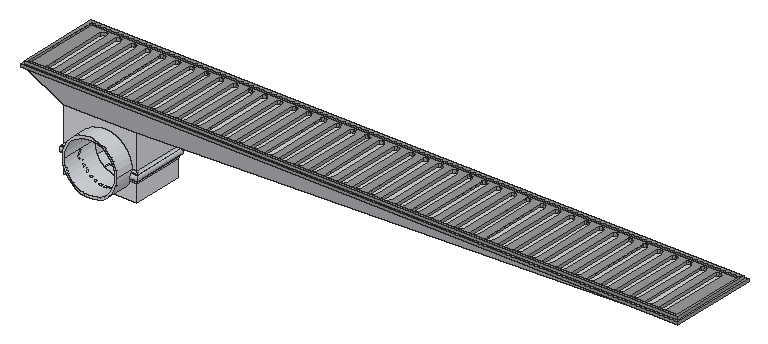
Revit family "PX_Rectangular-Floor-Drain-Side-Outlet-900-Ø75", category Plumbing Fixtures, Revit 2016
Family settings
  Part Type = Normal
  Round Connector Dimension = Use Diameter
  Work Plane-Based = No
  Always vertical = Yes
  Cut with Voids When Loaded = No
  Shared = No
  Room Calculation Point = No
Parameters (values of type "PA_RECTANGULAR DRAINS_Floor Drain_Side Outlet 900 Ø75")
  URL = "https://www.fisa.co.za/"
  Tolani Civil Projects cc URL = "www.tcpbim.co.za"
  Stainless Steel = Stainless Steel, Polished
  PVC = PVC, Unplasticized
  Model = "RECTANGULAR DRAINS Side Outlet 300 Ø50"
  Manufacturer = "Floor International"
  Created By = "Tolani Civil Projects cc"
  Contact = "+2711-4864900"
Reference planes
  plane 1 "Center (Front/Back)": y = 0
  plane 2: z = 0
  plane 3 "Center (Left/Right)": x = 0
  plane 4: z = -3.437
  plane 5: z = -132
  plane 6: y = -120
  plane 7: x = 900
  plane 8: x = 10
  plane 9: x = 290
  plane 10: z = -94
  plane 11: x = 95
  plane 12: z = -47
  plane 13: y = -60
  plane 14: y = -25
  plane 15: y = -95
  plane 16: x = 40
  plane 17: x = 140
  plane 18: y = -120
Forms (mm)
  Extrusion 1, solid, material "Stainless Steel, Polished" <- "Stainless Steel"
    sketch origin (0, 0, 0) x (1, 0, 0) y (0, 1, 0)
      loop
        line (0, 0) -> (0, -120) -> (900, -120) -> (900, 0) -> (0, 0)
      loop
        arc (25, -105) -> (26.464, -108.536) -> (30, -110) r 5
        arc (30, -110) -> (33.536, -108.536) -> (35, -105) r 5
        line (35, -105) -> (35, -15)
        arc (35, -15) -> (33.536, -11.464) -> (30, -10) r 5
        arc (30, -10) -> (26.464, -11.464) -> (25, -15) r 5
        line (25, -15) -> (25, -105)
      loop
        arc (45, -107.5) -> (45.732, -109.268) -> (47.5, -110) r 2.5
        arc (47.5, -110) -> (52.803, -107.803) -> (55, -102.5) r 7.5
        line (55, -102.5) -> (55, -17.5)
        arc (55, -17.5) -> (52.803, -12.197) -> (47.5, -10) r 7.5
        arc (47.5, -10) -> (45.732, -10.732) -> (45, -12.5) r 2.5
        line (45, -12.5) -> (45, -107.5)
      loop
        arc (65, -107.5) -> (65.732, -109.268) -> (67.5, -110) r 2.5
        arc (67.5, -110) -> (72.803, -107.803) -> (75, -102.5) r 7.5
        line (75, -102.5) -> (75, -17.5)
        arc (75, -17.5) -> (72.803, -12.197) -> (67.5, -10) r 7.5
        arc (67.5, -10) -> (65.732, -10.732) -> (65, -12.5) r 2.5
        line (65, -12.5) -> (65, -107.5)
      loop
        arc (85, -107.5) -> (85.732, -109.268) -> (87.5, -110) r 2.5
        arc (87.5, -110) -> (92.803, -107.803) -> (95, -102.5) r 7.5
        line (95, -102.5) -> (95, -17.5)
        arc (95, -17.5) -> (92.803, -12.197) -> (87.5, -10) r 7.5
        arc (87.5, -10) -> (85.732, -10.732) -> (85, -12.5) r 2.5
        line (85, -12.5) -> (85, -107.5)
      loop
        arc (105, -107.5) -> (105.732, -109.268) -> (107.5, -110) r 2.5
        arc (107.5, -110) -> (112.803, -107.803) -> (115, -102.5) r 7.5
        line (115, -102.5) -> (115, -17.5)
        arc (115, -17.5) -> (112.803, -12.197) -> (107.5, -10) r 7.5
        arc (107.5, -10) -> (105.732, -10.732) -> (105, -12.5) r 2.5
        line (105, -12.5) -> (105, -107.5)
      loop
        arc (125, -107.5) -> (125.732, -109.268) -> (127.5, -110) r 2.5
        arc (127.5, -110) -> (132.803, -107.803) -> (135, -102.5) r 7.5
        line (135, -102.5) -> (135, -17.5)
        arc (135, -17.5) -> (132.803, -12.197) -> (127.5, -10) r 7.5
        arc (127.5, -10) -> (125.732, -10.732) -> (125, -12.5) r 2.5
        line (125, -12.5) -> (125, -107.5)
      loop
        arc (145, -107.5) -> (145.732, -109.268) -> (147.5, -110) r 2.5
        arc (147.5, -110) -> (152.803, -107.803) -> (155, -102.5) r 7.5
        line (155, -102.5) -> (155, -17.5)
        arc (155, -17.5) -> (152.803, -12.197) -> (147.5, -10) r 7.5
        arc (147.5, -10) -> (145.732, -10.732) -> (145, -12.5) r 2.5
        line (145, -12.5) -> (145, -107.5)
      loop
        arc (165, -107.5) -> (165.732, -109.268) -> (167.5, -110) r 2.5
        arc (167.5, -110) -> (172.803, -107.803) -> (175, -102.5) r 7.5
        line (175, -102.5) -> (175, -17.5)
        arc (175, -17.5) -> (172.803, -12.197) -> (167.5, -10) r 7.5
        arc (167.5, -10) -> (165.732, -10.732) -> (165, -12.5) r 2.5
        line (165, -12.5) -> (165, -107.5)
      loop
        arc (185, -107.5) -> (185.732, -109.268) -> (187.5, -110) r 2.5
        arc (187.5, -110) -> (192.803, -107.803) -> (195, -102.5) r 7.5
        line (195, -102.5) -> (195, -17.5)
        arc (195, -17.5) -> (192.803, -12.197) -> (187.5, -10) r 7.5
        arc (187.5, -10) -> (185.732, -10.732) -> (185, -12.5) r 2.5
        line (185, -12.5) -> (185, -107.5)
      loop
        arc (205, -107.5) -> (205.732, -109.268) -> (207.5, -110) r 2.5
        arc (207.5, -110) -> (212.803, -107.803) -> (215, -102.5) r 7.5
        line (215, -102.5) -> (215, -17.5)
        arc (215, -17.5) -> (212.803, -12.197) -> (207.5, -10) r 7.5
        arc (207.5, -10) -> (205.732, -10.732) -> (205, -12.5) r 2.5
        line (205, -12.5) -> (205, -107.5)
      loop
        arc (225, -107.5) -> (225.732, -109.268) -> (227.5, -110) r 2.5
        arc (227.5, -110) -> (232.803, -107.803) -> (235, -102.5) r 7.5
        line (235, -102.5) -> (235, -17.5)
        arc (235, -17.5) -> (232.803, -12.197) -> (227.5, -10) r 7.5
        arc (227.5, -10) -> (225.732, -10.732) -> (225, -12.5) r 2.5
        line (225, -12.5) -> (225, -107.5)
      loop
        arc (245, -107.5) -> (245.732, -109.268) -> (247.5, -110) r 2.5
        arc (247.5, -110) -> (252.803, -107.803) -> (255, -102.5) r 7.5
        line (255, -102.5) -> (255, -17.5)
        arc (255, -17.5) -> (252.803, -12.197) -> (247.5, -10) r 7.5
        arc (247.5, -10) -> (245.732, -10.732) -> (245, -12.5) r 2.5
        line (245, -12.5) -> (245, -107.5)
      loop
        arc (265, -107.5) -> (265.732, -109.268) -> (267.5, -110) r 2.5
        arc (267.5, -110) -> (272.803, -107.803) -> (275, -102.5) r 7.5
        line (275, -102.5) -> (275, -17.5)
        arc (275, -17.5) -> (272.803, -12.197) -> (267.5, -10) r 7.5
        arc (267.5, -10) -> (265.732, -10.732) -> (265, -12.5) r 2.5
        line (265, -12.5) -> (265, -107.5)
      loop
        arc (285, -107.5) -> (285.732, -109.268) -> (287.5, -110) r 2.5
        arc (287.5, -110) -> (292.803, -107.803) -> (295, -102.5) r 7.5
        line (295, -102.5) -> (295, -17.5)
        arc (295, -17.5) -> (292.803, -12.197) -> (287.5, -10) r 7.5
        arc (287.5, -10) -> (285.732, -10.732) -> (285, -12.5) r 2.5
        line (285, -12.5) -> (285, -107.5)
      loop
        arc (305, -107.5) -> (305.732, -109.268) -> (307.5, -110) r 2.5
        arc (307.5, -110) -> (312.803, -107.803) -> (315, -102.5) r 7.5
        line (315, -102.5) -> (315, -17.5)
        arc (315, -17.5) -> (312.803, -12.197) -> (307.5, -10) r 7.5
        arc (307.5, -10) -> (305.732, -10.732) -> (305, -12.5) r 2.5
        line (305, -12.5) -> (305, -107.5)
      loop
        arc (325, -107.5) -> (325.732, -109.268) -> (327.5, -110) r 2.5
        arc (327.5, -110) -> (332.803, -107.803) -> (335, -102.5) r 7.5
        line (335, -102.5) -> (335, -17.5)
        arc (335, -17.5) -> (332.803, -12.197) -> (327.5, -10) r 7.5
        arc (327.5, -10) -> (325.732, -10.732) -> (325, -12.5) r 2.5
        line (325, -12.5) -> (325, -107.5)
      loop
        arc (345, -107.5) -> (345.732, -109.268) -> (347.5, -110) r 2.5
        arc (347.5, -110) -> (352.803, -107.803) -> (355, -102.5) r 7.5
        line (355, -102.5) -> (355, -17.5)
        arc (355, -17.5) -> (352.803, -12.197) -> (347.5, -10) r 7.5
        arc (347.5, -10) -> (345.732, -10.732) -> (345, -12.5) r 2.5
        line (345, -12.5) -> (345, -107.5)
      loop
        arc (365, -107.5) -> (365.732, -109.268) -> (367.5, -110) r 2.5
        arc (367.5, -110) -> (372.803, -107.803) -> (375, -102.5) r 7.5
        line (375, -102.5) -> (375, -17.5)
        arc (375, -17.5) -> (372.803, -12.197) -> (367.5, -10) r 7.5
        arc (367.5, -10) -> (365.732, -10.732) -> (365, -12.5) r 2.5
        line (365, -12.5) -> (365, -107.5)
      loop
        arc (385, -107.5) -> (385.732, -109.268) -> (387.5, -110) r 2.5
        arc (387.5, -110) -> (392.803, -107.803) -> (395, -102.5) r 7.5
        line (395, -102.5) -> (395, -17.5)
        arc (395, -17.5) -> (392.803, -12.197) -> (387.5, -10) r 7.5
        arc (387.5, -10) -> (385.732, -10.732) -> (385, -12.5) r 2.5
        line (385, -12.5) -> (385, -107.5)
      loop
        arc (405, -107.5) -> (405.732, -109.268) -> (407.5, -110) r 2.5
        arc (407.5, -110) -> (412.803, -107.803) -> (415, -102.5) r 7.5
        line (415, -102.5) -> (415, -17.5)
        arc (415, -17.5) -> (412.803, -12.197) -> (407.5, -10) r 7.5
        arc (407.5, -10) -> (405.732, -10.732) -> (405, -12.5) r 2.5
        line (405, -12.5) -> (405, -107.5)
      loop
        arc (425, -107.5) -> (425.732, -109.268) -> (427.5, -110) r 2.5
        arc (427.5, -110) -> (432.803, -107.803) -> (435, -102.5) r 7.5
        line (435, -102.5) -> (435, -17.5)
        arc (435, -17.5) -> (432.803, -12.197) -> (427.5, -10) r 7.5
        arc (427.5, -10) -> (425.732, -10.732) -> (425, -12.5) r 2.5
        line (425, -12.5) -> (425, -107.5)
      loop
        arc (445, -107.5) -> (445.732, -109.268) -> (447.5, -110) r 2.5
        arc (447.5, -110) -> (452.803, -107.803) -> (455, -102.5) r 7.5
        line (455, -102.5) -> (455, -17.5)
        arc (455, -17.5) -> (452.803, -12.197) -> (447.5, -10) r 7.5
        arc (447.5, -10) -> (445.732, -10.732) -> (445, -12.5) r 2.5
        line (445, -12.5) -> (445, -107.5)
      loop
        arc (465, -107.5) -> (465.732, -109.268) -> (467.5, -110) r 2.5
        arc (467.5, -110) -> (472.803, -107.803) -> (475, -102.5) r 7.5
        line (475, -102.5) -> (475, -17.5)
        arc (475, -17.5) -> (472.803, -12.197) -> (467.5, -10) r 7.5
        arc (467.5, -10) -> (465.732, -10.732) -> (465, -12.5) r 2.5
        line (465, -12.5) -> (465, -107.5)
      loop
        arc (485, -107.5) -> (485.732, -109.268) -> (487.5, -110) r 2.5
        arc (487.5, -110) -> (492.803, -107.803) -> (495, -102.5) r 7.5
        line (495, -102.5) -> (495, -17.5)
        arc (495, -17.5) -> (492.803, -12.197) -> (487.5, -10) r 7.5
        arc (487.5, -10) -> (485.732, -10.732) -> (485, -12.5) r 2.5
        line (485, -12.5) -> (485, -107.5)
      loop
        arc (505, -107.5) -> (505.732, -109.268) -> (507.5, -110) r 2.5
        arc (507.5, -110) -> (512.803, -107.803) -> (515, -102.5) r 7.5
        line (515, -102.5) -> (515, -17.5)
        arc (515, -17.5) -> (512.803, -12.197) -> (507.5, -10) r 7.5
        arc (507.5, -10) -> (505.732, -10.732) -> (505, -12.5) r 2.5
        line (505, -12.5) -> (505, -107.5)
      loop
        arc (525, -107.5) -> (525.732, -109.268) -> (527.5, -110) r 2.5
        arc (527.5, -110) -> (532.803, -107.803) -> (535, -102.5) r 7.5
        line (535, -102.5) -> (535, -17.5)
        arc (535, -17.5) -> (532.803, -12.197) -> (527.5, -10) r 7.5
        arc (527.5, -10) -> (525.732, -10.732) -> (525, -12.5) r 2.5
        line (525, -12.5) -> (525, -107.5)
      loop
        arc (545, -107.5) -> (545.732, -109.268) -> (547.5, -110) r 2.5
        arc (547.5, -110) -> (552.803, -107.803) -> (555, -102.5) r 7.5
        line (555, -102.5) -> (555, -17.5)
        arc (555, -17.5) -> (552.803, -12.197) -> (547.5, -10) r 7.5
        arc (547.5, -10) -> (545.732, -10.732) -> (545, -12.5) r 2.5
        line (545, -12.5) -> (545, -107.5)
      loop
        arc (565, -107.5) -> (565.732, -109.268) -> (567.5, -110) r 2.5
        arc (567.5, -110) -> (572.803, -107.803) -> (575, -102.5) r 7.5
        line (575, -102.5) -> (575, -17.5)
        arc (575, -17.5) -> (572.803, -12.197) -> (567.5, -10) r 7.5
        arc (567.5, -10) -> (565.732, -10.732) -> (565, -12.5) r 2.5
        line (565, -12.5) -> (565, -107.5)
      loop
        arc (585, -107.5) -> (585.732, -109.268) -> (587.5, -110) r 2.5
        arc (587.5, -110) -> (592.803, -107.803) -> (595, -102.5) r 7.5
        line (595, -102.5) -> (595, -17.5)
        arc (595, -17.5) -> (592.803, -12.197) -> (587.5, -10) r 7.5
        arc (587.5, -10) -> (585.732, -10.732) -> (585, -12.5) r 2.5
        line (585, -12.5) -> (585, -107.5)
      loop
        arc (605, -107.5) -> (605.732, -109.268) -> (607.5, -110) r 2.5
        arc (607.5, -110) -> (612.803, -107.803) -> (615, -102.5) r 7.5
        line (615, -102.5) -> (615, -17.5)
        arc (615, -17.5) -> (612.803, -12.197) -> (607.5, -10) r 7.5
        arc (607.5, -10) -> (605.732, -10.732) -> (605, -12.5) r 2.5
        line (605, -12.5) -> (605, -107.5)
      loop
        arc (625, -107.5) -> (625.732, -109.268) -> (627.5, -110) r 2.5
        arc (627.5, -110) -> (632.803, -107.803) -> (635, -102.5) r 7.5
        line (635, -102.5) -> (635, -17.5)
        arc (635, -17.5) -> (632.803, -12.197) -> (627.5, -10) r 7.5
        arc (627.5, -10) -> (625.732, -10.732) -> (625, -12.5) r 2.5
        line (625, -12.5) -> (625, -107.5)
      loop
        arc (645, -107.5) -> (645.732, -109.268) -> (647.5, -110) r 2.5
        arc (647.5, -110) -> (652.803, -107.803) -> (655, -102.5) r 7.5
        line (655, -102.5) -> (655, -17.5)
        arc (655, -17.5) -> (652.803, -12.197) -> (647.5, -10) r 7.5
        arc (647.5, -10) -> (645.732, -10.732) -> (645, -12.5) r 2.5
        line (645, -12.5) -> (645, -107.5)
      loop
        arc (665, -107.5) -> (665.732, -109.268) -> (667.5, -110) r 2.5
        arc (667.5, -110) -> (672.803, -107.803) -> (675, -102.5) r 7.5
        line (675, -102.5) -> (675, -17.5)
        arc (675, -17.5) -> (672.803, -12.197) -> (667.5, -10) r 7.5
        arc (667.5, -10) -> (665.732, -10.732) -> (665, -12.5) r 2.5
        line (665, -12.5) -> (665, -107.5)
      loop
        arc (685, -107.5) -> (685.732, -109.268) -> (687.5, -110) r 2.5
        arc (687.5, -110) -> (692.803, -107.803) -> (695, -102.5) r 7.5
        line (695, -102.5) -> (695, -17.5)
        arc (695, -17.5) -> (692.803, -12.197) -> (687.5, -10) r 7.5
        arc (687.5, -10) -> (685.732, -10.732) -> (685, -12.5) r 2.5
        line (685, -12.5) -> (685, -107.5)
      loop
        arc (705, -107.5) -> (705.732, -109.268) -> (707.5, -110) r 2.5
        arc (707.5, -110) -> (712.803, -107.803) -> (715, -102.5) r 7.5
        line (715, -102.5) -> (715, -17.5)
        arc (715, -17.5) -> (712.803, -12.197) -> (707.5, -10) r 7.5
        arc (707.5, -10) -> (705.732, -10.732) -> (705, -12.5) r 2.5
        line (705, -12.5) -> (705, -107.5)
      loop
        arc (725, -107.5) -> (725.732, -109.268) -> (727.5, -110) r 2.5
        arc (727.5, -110) -> (732.803, -107.803) -> (735, -102.5) r 7.5
        line (735, -102.5) -> (735, -17.5)
        arc (735, -17.5) -> (732.803, -12.197) -> (727.5, -10) r 7.5
        arc (727.5, -10) -> (725.732, -10.732) -> (725, -12.5) r 2.5
        line (725, -12.5) -> (725, -107.5)
      loop
        arc (745, -107.5) -> (745.732, -109.268) -> (747.5, -110) r 2.5
        arc (747.5, -110) -> (752.803, -107.803) -> (755, -102.5) r 7.5
        line (755, -102.5) -> (755, -17.5)
        arc (755, -17.5) -> (752.803, -12.197) -> (747.5, -10) r 7.5
        arc (747.5, -10) -> (745.732, -10.732) -> (745, -12.5) r 2.5
        line (745, -12.5) -> (745, -107.5)
      loop
        arc (765, -107.5) -> (765.732, -109.268) -> (767.5, -110) r 2.5
        arc (767.5, -110) -> (772.803, -107.803) -> (775, -102.5) r 7.5
        line (775, -102.5) -> (775, -17.5)
        arc (775, -17.5) -> (772.803, -12.197) -> (767.5, -10) r 7.5
        arc (767.5, -10) -> (765.732, -10.732) -> (765, -12.5) r 2.5
        line (765, -12.5) -> (765, -107.5)
      loop
        arc (785, -107.5) -> (785.732, -109.268) -> (787.5, -110) r 2.5
        arc (787.5, -110) -> (792.803, -107.803) -> (795, -102.5) r 7.5
        line (795, -102.5) -> (795, -17.5)
        arc (795, -17.5) -> (792.803, -12.197) -> (787.5, -10) r 7.5
        arc (787.5, -10) -> (785.732, -10.732) -> (785, -12.5) r 2.5
        line (785, -12.5) -> (785, -107.5)
      loop
        arc (805, -107.5) -> (805.732, -109.268) -> (807.5, -110) r 2.5
        arc (807.5, -110) -> (812.803, -107.803) -> (815, -102.5) r 7.5
        line (815, -102.5) -> (815, -17.5)
        arc (815, -17.5) -> (812.803, -12.197) -> (807.5, -10) r 7.5
        arc (807.5, -10) -> (805.732, -10.732) -> (805, -12.5) r 2.5
        line (805, -12.5) -> (805, -107.5)
      loop
        arc (825, -107.5) -> (825.732, -109.268) -> (827.5, -110) r 2.5
        arc (827.5, -110) -> (832.803, -107.803) -> (835, -102.5) r 7.5
        line (835, -102.5) -> (835, -17.5)
        arc (835, -17.5) -> (832.803, -12.197) -> (827.5, -10) r 7.5
        arc (827.5, -10) -> (825.732, -10.732) -> (825, -12.5) r 2.5
        line (825, -12.5) -> (825, -107.5)
      loop
        arc (845, -107.5) -> (845.732, -109.268) -> (847.5, -110) r 2.5
        arc (847.5, -110) -> (852.803, -107.803) -> (855, -102.5) r 7.5
        line (855, -102.5) -> (855, -17.5)
        arc (855, -17.5) -> (852.803, -12.197) -> (847.5, -10) r 7.5
        arc (847.5, -10) -> (845.732, -10.732) -> (845, -12.5) r 2.5
        line (845, -12.5) -> (845, -107.5)
      loop
        arc (865, -107.5) -> (865.732, -109.268) -> (867.5, -110) r 2.5
        arc (867.5, -110) -> (872.803, -107.803) -> (875, -102.5) r 7.5
        line (875, -102.5) -> (875, -17.5)
        arc (875, -17.5) -> (872.803, -12.197) -> (867.5, -10) r 7.5
        arc (867.5, -10) -> (865.732, -10.732) -> (865, -12.5) r 2.5
        line (865, -12.5) -> (865, -107.5)
    from -3.437 to 0
  Sweep 2, solid, material "Stainless Steel, Polished" <- "Stainless Steel"
    path in 3D
      loop
        line (0, 0, 0) -> (0, -120, 0) -> (900, -120, 0) -> (900, 0, 0) -> (0, 0, 0)
    profile origin (450, 0, 0) x (0, -1, 0) y (0, 0, 1)
      loop
        line (3.164, 0) -> (6.519, 0) -> (6.519, 3.23) -> (3.164, 3.23) -> (3.164, 0)
  Extrusion 3, solid
    sketch origin (0, 0, 0) x (1, 0, 0) y (0, 0, 1)
      loop
        circle (95, -94) r 37.5
      loop
        circle (95, -94) r 34.5
    from 69.818 to 120
  SweptBlend 4, solid
    path origin (0, 0, 0) x (1, 0, 0) y (0, 0, 1)
      loop
        line (0, -3.437) -> (0, -47)
    profile origin (0, 0, -3.437) x (0, -1, 0) y (1, 0, 0)
      loop
        line (3.164, 3.164) -> (116.836, 3.164) -> (116.836, 896.836) -> (3.164, 896.836) -> (3.164, 3.164)
    end profile origin (0, 0, -47) x (0, -1, 0) y (1, 0, 0)
      loop
        line (25, 40) -> (95, 40) -> (95, 140) -> (25, 140) -> (25, 40)
  Sweep 5, solid
    path origin (0, 0, 0) x (1, 0, 0) y (0, 1, 0)
      loop
        line (40, -25) -> (40, -95) -> (140, -95) -> (140, -25) -> (40, -25)
    profile origin (90, -25, 0) x (0, 1, 0) y (0, 0, 1)
      loop
        line (0, -47) -> (-2.5, -47) -> (-2.5, -93.059)
        arc (-2.5, -93.059) -> (-1.929, -95.93) -> (-0.303, -98.363) r 7.5
        line (-0.303, -98.363) -> (0.437, -99.103)
        arc (0.437, -99.103) -> (1.169, -100.871) -> (0.437, -102.639) r 2.5
        line (0.437, -102.639) -> (-0.303, -103.379)
        arc (-0.303, -103.379) -> (-1.929, -105.812) -> (-2.5, -108.683) r 7.5
        line (-2.5, -108.683) -> (-2.5, -129.5) -> (-26.635, -129.5) -> (-26.635, -132) -> (0, -132) -> (0, -108.683)
        arc (0, -108.683) -> (0.381, -106.769) -> (1.464, -105.147) r 5
        line (1.464, -105.147) -> (2.205, -104.406)
        arc (2.205, -104.406) -> (3.669, -100.871) -> (2.205, -97.335) r 5
        line (2.205, -97.335) -> (1.464, -96.595)
        arc (1.464, -96.595) -> (0.381, -94.973) -> (0, -93.059) r 5
        line (0, -93.059) -> (0, -47)
  Extrusion 6, solid
    sketch origin (0, 0, 0) x (1, 0, 0) y (0, 1, 0)
      loop
        line (66.635, -51.635) -> (66.635, -68.365) -> (113.365, -68.365) -> (113.365, -51.635) -> (66.635, -51.635)
    from -132 to -129.5
  Extrusion 7, void
    sketch origin (0, 0, 0) x (1, 0, 0) y (0, 0, 1)
      loop
        circle (95, -94) r 34.5
    from 60 to 120
Cuts and joins
  Extrusion 7 cuts Sweep 5
  joined: SweptBlend 4, Sweep 5
  joined: Extrusion 3, Extrusion 6
Lines and regions (mm)
  sketch lines
    curve 1: line (900, 0, 0) -> (0, 0, 0)
    curve 2: line (900, -120, 0) -> (900, 0, 0)
    curve 3: line (0, -120, 0) -> (900, -120, 0)
    curve 4: line (0, 0, 0) -> (0, -120, 0)
Dimensions and locks
  locked: level to plane 4 at 3.437
  level to plane 5 = 132 mm
  plane 6 to plane 1 "Center (Front/Back)" = 120 mm
  plane 7 to plane 3 "Center (Left/Right)" = 900 mm
  Extrusion 1 sketch curve to Extrusion 1 sketch curve = 25 mm
  locked: Extrusion 1 to Sweep 2 sketch curve at 3.23
  locked: Sweep 2 sketch curve to Sweep 2 sketch curve at 3.356
  profile plane to Sweep 2 sketch curve = 3.164 mm
  plane 3 "Center (Left/Right)" to plane 8 = 10 mm
  plane 9 to Extrusion 1 = 610 mm
  plane 5 to level = 132 mm
  plane 10 to plane 5 = 38 mm
  plane 5 to plane 12 to plane 4 = 85 mm locked, 43.562 mm locked
  equal spacing: Extrusion 1, plane 13, plane 1 "Center (Front/Back)"
  equal spacing: plane 14, plane 13, plane 15
  plane 3 "Center (Left/Right)" to plane 16 to plane 17 = 40 mm locked, 100 mm locked
  Extrusion 1 to plane 1 "Center (Front/Back)" = 120 mm
  plane 3 "Center (Left/Right)" to Extrusion 1 = 900 mm
  radius of Extrusion 3 sketch curve = 37.5 mm
  aligned and locked: level to plane 2
  aligned and locked: plane 7 to Extrusion 1 sketch curve
  aligned and locked: plane 6 to Extrusion 1 sketch curve
  aligned and locked: plane 1 "Center (Front/Back)" to Extrusion 1 sketch curve
  aligned and locked: level to Extrusion 1
  aligned and locked: plane 11 to Extrusion 3 sketch curve
  aligned and locked: plane 10 to Extrusion 3 sketch curve
  aligned and locked: SweptBlend 4 sketch curve to Sweep 2  (x4)
  aligned and locked: SweptBlend 4 sketch curve to plane 14
  aligned and locked: plane 17 to SweptBlend 4 sketch curve
  aligned and locked: plane 15 to SweptBlend 4 sketch curve
  aligned and locked: plane 16 to SweptBlend 4 sketch curve
  aligned and locked: Sweep 5 sketch curve to plane 14
  aligned and locked: plane 17 to Sweep 5 sketch curve
  aligned and locked: plane 15 to Sweep 5 sketch curve
  aligned and locked: plane 16 to Sweep 5 sketch curve
  aligned and locked: Extrusion 6 sketch curve to Sweep 5  (x4)
  aligned and locked: Extrusion 6 to plane 5
  aligned and locked: Sweep 5 to Extrusion 6
  aligned and locked: Extrusion 7 sketch curve to cut or joined group of Extrusion 3, Extrusion 6  (x2)
  aligned and locked: plane 13 to Extrusion 7
  aligned and locked: cut or joined group of Extrusion 3, Extrusion 6 to Extrusion 7
Automatic sketch dimensions
  SweptBlend 4 sketch curve to plane 3 "Center (Left/Right)" = 0 mm
  SweptBlend 4 sketch curve to plane 12 = 0 mm
  SweptBlend 4 sketch curve to plane 4 = 0 mm
  Extrusion 1 sketch curve to Extrusion 1 sketch curve = 0 mm  (x2)
  Extrusion 1 sketch curve to plane 3 "Center (Left/Right)" = 0 mm
  plane 6 to Extrusion 1 sketch curve = 12.5 mm  (x42)
  Extrusion 1 sketch curve to plane 16 = 5 mm
  plane 16 to Extrusion 1 sketch curve = 5 mm
  Extrusion 1 sketch curve to Extrusion 1 sketch curve = 10 mm  (x79)
  plane 17 to Extrusion 1 sketch curve = 5 mm
  Extrusion 1 sketch curve to plane 17 = 5 mm
  Extrusion 1 sketch curve to plane 9 = 5 mm
  plane 9 to Extrusion 1 sketch curve = 5 mm
  Extrusion 1 sketch curve to Extrusion 1 sketch curve = 2.5 mm  (x124)
  Extrusion 1 sketch curve to plane 9 = 2.5 mm  (x2)
  Extrusion 1 sketch curve to plane 15 = 10 mm
  Extrusion 1 sketch curve to plane 15 = 7.5 mm  (x42)
  plane 14 to Extrusion 1 sketch curve = 7.5 mm  (x42)
  plane 14 to Extrusion 1 sketch curve = 10 mm
  Sweep 2 sketch curve to profile plane = 0 mm
  Extrusion 3 sketch curve to Extrusion 3 sketch curve = 0 mm  (x2)
  Extrusion 3 sketch curve to plane 10 = 0 mm
  Sweep 5 sketch curve to Sweep 5 sketch curve = 0 mm  (x6)
  Sweep 5 sketch curve to profile plane = 0 mm  (x2)
  Sweep 5 sketch curve to level = 132 mm
  profile plane to Sweep 5 sketch curve = 0.303 mm  (x2)
  profile plane to Sweep 5 sketch curve = 2.5 mm  (x2)
  Sweep 5 sketch curve to Sweep 5 sketch curve = 24.135 mm
  Sweep 5 sketch curve to profile plane = 0.437 mm  (x2)
  Sweep 5 sketch curve to profile plane = 1.464 mm  (x2)
  Sweep 5 sketch curve to Sweep 5 sketch curve = 0.74 mm  (x5)
  profile plane to Sweep 5 sketch curve = 1.331 mm
  Sweep 5 sketch curve to Sweep 5 sketch curve = 3.536 mm  (x2)
  Sweep 5 sketch curve to profile plane = 5 mm
  Sweep 5 sketch curve to Sweep 5 sketch curve = 2.5 mm
  Sweep 5 sketch curve to Sweep 5 sketch curve = 20.817 mm
  Sweep 5 sketch curve to Sweep 5 sketch curve = 46.059 mm
  radius of Extrusion 3 sketch curve = 34.5 mm
Connectors
  piping at (95, -120, -94), diameter 75
    settings: on Extrusion 3, index 1, connector inside diameter 75 mm, connector length 0 mm, flow factor 0, pipe flow 0.0 L/s, pressure drop 0.0 Pa, fitting loss kfactor 0, connector angle 0.00°, fixture units 0, engagement length 0 mm, angle of deflection 0.00°, flow configuration 0, flow direction 2, fitting loss method 0, system type 16, joint type 0, gender type 0, connector reference index -1, connector utility 0, adjustable connector no, is connector primary yes, connector description ""
